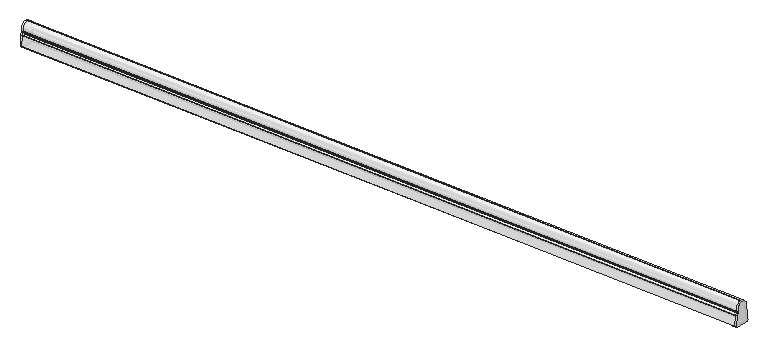
Revit family "0051034 Sylvania Lighting Fixture LED PIPE G2 L1200 NW", category Lighting Fixtures, host Face, Revit 2016
Family settings
  Host = Face
  Part Type = Normal
  Round Connector Dimension = Use Diameter
  OmniClass Number = 23.80.70.00
  OmniClass Title = Lighting
  Cut with Voids When Loaded = No
  Light Source = Yes
  Shared = No
  Room Calculation Point = No
Parameters (values of type "0051034 LED PIPE G2 L1200 NW")
  Width_SYL = 24 mm
  Weight = "5.54 kg"
  Wattage Comments = ""
  Wattage = 13 W
  WarrantyStartDate [instance] = "n/a"
  WarrantyGuarantorParts = "n/a"
  WarrantyDurationUnit = "n/a"
  WarrantyDurationParts = "n/a"
  WarrantyDescription = "n/a"
  built-in parameter 1150110 = 1 (stored number, unit not read)
  Voltage = 230 V
  URL = "http://www.sylvania-lighting.com"
  TypeName = "LED PIPE G2 L1200 NW"
  Type Image = <None>
  Type Comments = "n/a"
  built-in parameter 1114217 = 1 (stored number, unit not read)
  Tilt Angle = -90.00°
  built-in parameter 1150109 = 1 (stored number, unit not read)
  built-in parameter 1150134 = 12
  built-in parameter 1150113 = 1 (stored number, unit not read)
  SerialNumber [instance] = "n/a"
  RadiusTop_SYL = 9.1 mm
  RadiusSmall_SYL = 1.002 mm
  RadiusShoulder_SYL = 4.5 mm
  RadiusBottom_SYL = 1.5 mm
  Photometric Web File = "0051034.ies"
  Material_3_FEILO = none
  PowerFactor = 0.9
  PowerConsumption = "13 W"
  NominalLength = 1200 mm
  NominalHeight = 35 mm
  NominalDepth = 24 mm
  Name = "LED PIPE G2 L1200 NW"
  ModelReference = Name  # "LED PIPE G2 L1200 NW"
  ModelNumber = "0051034"
  Model = Name  # "LED PIPE G2 L1200 NW"
  Material = "pc housing, pc diffuser"
  ManufacturerName = "Feilo Sylvania"
  Manufacturer = "Feilo Sylvania"
  LuminousEfficacy = "100 lm/W"
  built-in parameter 1150105 = 263.31 (stored number, unit not read)
  Lumens = 1300 lm
  LuminaireType = ""
  built-in parameter 1150115 = 1 (stored number, unit not read)
  LightOutputRatio = "n/a"
  built-in parameter 1150137 = (empty or 0)
  built-in parameter 1150139 = (empty or 0)
  Length_SYL = 1200 mm
  LampsType = Lamp  # "LED"
  LampNominalLuminous = "1300 lm"
  LampMacAdamStep = "6"
  LampColourTemperature = "4000 K"
  LampColourRenderingIndex = "80"
  built-in parameter 1150112 = 1 (stored number, unit not read)
  built-in parameter 1150114 = 1 (stored number, unit not read)
  Lamp = "LED"
  Keynote = "16500"
  InstallationDate [instance] = "n/a"
  InputVoltage = "220-240V~"
  InputNominalFrequency = "50/60 Hz"
  built-in parameter 1150132 = (empty or 0)
  built-in parameter 1150102 = (empty or 0)
  built-in parameter 1150107 = 4000 (stored number, unit not read)
  built-in parameter 1150138 = (empty or 0)
  IngressProtection = "IP20"
  ImpactProtectionIndex = "IK02"
  built-in parameter 1150106 = 2.6331 (stored number, unit not read)
  IfcExportType = "IfcLightFixtureType"
  IfcExportAs = "IfcLightFixtureType"
  Height_SYL = 35 mm
  ExpectedLife = 50000
  built-in parameter 1150127 = 10 mm
  Emit from Rectangle Length = Length_SYL - 6 mm  # 1194 mm
  Emit Shape Visible in Rendering = no
  ElectricShockClassification = "Class II"
  built-in parameter 1150104 = 9.2903 (stored number, unit not read)
  DurationUnit = "hours"
  DocumentationLiterature = "http://www.sylvania-lighting.com/product/en-int/products/0051034"
  DimmingControlOptions = "n/a"
  Material_2_FEILO = LED-Sylvania-ledpipe
  Dimming Lamp Color Temperature Shift = <None>
  Description = "LED T5 replacement batten, seamless linking (up to 10M), Ideal for direct lighting such as under cabinet or in kitchens, 150 degree beam angle, includes switch, includes 0.30m stripped cable, white polycarbonate body, includes standard and tilting brackets"
  Default Elevation = 1219.2 mm
  CreatedOn = "6/11/2018"
  CreatedBy = "aron.fodor@sylvania-lighting.com"
  Cost = 0
  Color Filter = 16777215
  built-in parameter 1114216 [instance] = (empty or 0)
  ClassificationValue = "EF_70_80"
  ClassificationName = "Uniclass2015"
  Material_1_FEILO = Body-Sylvania-ledpipe
  BarCode [instance] = "n/a"
  built-in parameter 1114218 = 1 (stored number, unit not read)
  Emit from Rectangle Width = 3048 mm
  AssetType = "Fixed"
  AssetIdentifier [instance] = "n/a"
  Assembly Code = "D5020200"
  Apparent Load = 13 VA
  Material_4_FEILO = none
Reference planes
  plane 1 "Center (Front/Back)": y = 0
  plane 2: z = 0
  plane 3 "Center (Left/Right)": x = 0
  plane 4: y = 12
  plane 5: y = -12
  plane 6: z = 35
  plane 7: z = 25.8
  plane 8: y = -10
  plane 9: z = 18.8
  plane 10: z = 21
  plane 11: x = 600
  plane 12: x = -600
  plane 13: x = 597
  plane 14: x = -597
Forms (mm)
  Extrusion 1, solid, material "Body-Sylvania-ledpipe" <- "Material_1_FEILO"
    sketch origin (0, 0, 0) x (0, 1, 0) y (0, 0, 1)
      loop
        arc (-11.824, 1.659) -> (-11.447, 0.497) -> (-10.332, 0) r 1.5
        line (-10.332, 0) -> (10.332, 0)
        arc (10.332, 0) -> (11.447, 0.497) -> (11.824, 1.659) r 1.5
        line (11.824, 1.659) -> (10.168, 17.219)
        arc (10.168, 17.219) -> (9.754, 18.682) -> (8.875, 19.925) r 4.5
        line (8.875, 19.925) -> (8.294, 20.506)
        arc (8.294, 20.506) -> (8.012, 21.058) -> (8.109, 21.67) r 1.002
        arc (8.109, 21.67) -> (7.759, 30.556) -> (0, 34.9) r 9.1
        arc (0, 34.9) -> (-7.759, 30.556) -> (-8.109, 21.67) r 9.1
        arc (-8.109, 21.67) -> (-8.012, 21.058) -> (-8.294, 20.506) r 1.002
        line (-8.294, 20.506) -> (-8.875, 19.925)
        arc (-8.875, 19.925) -> (-9.754, 18.682) -> (-10.168, 17.219) r 4.5
        line (-10.168, 17.219) -> (-11.824, 1.659)
    from -597 to 597
  Extrusion 2, solid, material "Body-Sylvania-ledpipe" <- "Material_1_FEILO"
    sketch origin (597, -4572, 2609.058) x (0, 0, 1) y (0, -1, 0)
      loop
        arc (-2587.388, -4580.109) -> (-2578.502, -4579.759) -> (-2574.158, -4572) r 9.1
        arc (-2574.158, -4572) -> (-2578.502, -4564.241) -> (-2587.388, -4563.891) r 9.1
        arc (-2587.388, -4563.891) -> (-2588, -4563.988) -> (-2588.552, -4563.706) r 1.002
        line (-2588.552, -4563.706) -> (-2589.134, -4563.125)
        arc (-2589.134, -4563.125) -> (-2590.376, -4562.246) -> (-2591.84, -4561.832) r 4.5
        line (-2591.84, -4561.832) -> (-2607.399, -4560.176)
        arc (-2607.399, -4560.176) -> (-2608.561, -4560.553) -> (-2609.058, -4561.668) r 1.5
        line (-2609.058, -4561.668) -> (-2609.058, -4582.332)
        arc (-2609.058, -4582.332) -> (-2608.561, -4583.447) -> (-2607.399, -4583.824) r 1.5
        line (-2607.399, -4583.824) -> (-2591.84, -4582.168)
        arc (-2591.84, -4582.168) -> (-2590.376, -4581.754) -> (-2589.134, -4580.875) r 4.5
        line (-2589.134, -4580.875) -> (-2588.552, -4580.294)
        arc (-2588.552, -4580.294) -> (-2588, -4580.012) -> (-2587.388, -4580.109) r 1.002
    from 0 to 3
  Extrusion 3, solid, material "Body-Sylvania-ledpipe" <- "Material_1_FEILO"
    sketch origin (-297, -4572, 2609.058) x (0, 0, 1) y (0, -1, 0)
      loop
        arc (-2587.388, -4580.109) -> (-2578.502, -4579.759) -> (-2574.158, -4572) r 9.1
        arc (-2574.158, -4572) -> (-2578.502, -4564.241) -> (-2587.388, -4563.891) r 9.1
        arc (-2587.388, -4563.891) -> (-2588, -4563.988) -> (-2588.552, -4563.706) r 1.002
        line (-2588.552, -4563.706) -> (-2589.134, -4563.125)
        arc (-2589.134, -4563.125) -> (-2590.376, -4562.246) -> (-2591.84, -4561.832) r 4.5
        line (-2591.84, -4561.832) -> (-2607.399, -4560.176)
        arc (-2607.399, -4560.176) -> (-2608.561, -4560.553) -> (-2609.058, -4561.668) r 1.5
        line (-2609.058, -4561.668) -> (-2609.058, -4582.332)
        arc (-2609.058, -4582.332) -> (-2608.561, -4583.447) -> (-2607.399, -4583.824) r 1.5
        line (-2607.399, -4583.824) -> (-2591.84, -4582.168)
        arc (-2591.84, -4582.168) -> (-2590.376, -4581.754) -> (-2589.134, -4580.875) r 4.5
        line (-2589.134, -4580.875) -> (-2588.552, -4580.294)
        arc (-2588.552, -4580.294) -> (-2588, -4580.012) -> (-2587.388, -4580.109) r 1.002
    from -300 to -303
Lines and regions (mm)
  reference lines
    curve 1: circle (0, 0, 25.8) r 9.1 normal (1, 0, 0)
    curve 2: line (0, -12, 0) -> (0, -10, 18.8)
Dimensions and locks
  equal spacing: plane 5, plane 1 "Center (Front/Back)", plane 4
  "Width_SYL": plane 5 to plane 4
  "Height_SYL": plane 6 to plane 2
  locked: plane 6 to plane 7 at 9.2
  locked: plane 5 to plane 8 at 2
  locked: plane 7 to plane 9 at 7
  locked: plane 10 to plane 9 at 2.2
  equal spacing: plane 11, plane 3 "Center (Left/Right)", plane 12
  "Length_SYL": plane 11 to plane 12
  equal spacing: plane 13, plane 3 "Center (Left/Right)", plane 14
  locked: plane 14 to plane 12 at 3
  "RadiusTop_SYL": radius of curve 1
  "RadiusSmall_SYL": radius of Extrusion 1 sketch curve
  "RadiusShoulder_SYL": radius of Extrusion 1 sketch curve
  "RadiusTop_SYL": radius of Extrusion 1 sketch curve
  "RadiusBottom_SYL": radius of Extrusion 1 sketch curve  (x2)
  aligned and locked: plane 2 to host face
  aligned and locked: level to host face
  aligned and locked: plane 7 to curve 1
  aligned and locked: plane 1 "Center (Front/Back)" to curve 1
  aligned and locked: plane 8 to curve 2
  aligned and locked: curve 2 to Extrusion 1 sketch curve  (x2)
  aligned and locked: plane 7 to Extrusion 1 sketch curve
  aligned and locked: plane 1 "Center (Front/Back)" to Extrusion 1 sketch curve
  aligned and locked: Extrusion 1 sketch curve to level
  aligned and locked: plane 13 to Extrusion 1
  aligned and locked: Extrusion 1 to plane 14
  aligned and locked: Extrusion 2 sketch curve to Extrusion 1  (x8)
  aligned and locked: plane 11 to Extrusion 2
  aligned and locked: Extrusion 2 to Extrusion 1
  aligned and locked: Extrusion 3 sketch curve to Extrusion 2  (x8)
  aligned and locked: Extrusion 3 to Extrusion 1
  aligned and locked: Extrusion 3 to plane 12
  aligned and locked: imposter light to plane 1 "Center (Front/Back)"
  aligned and locked: plane 6 to imposter light
  aligned and locked: plane 3 "Center (Left/Right)" to imposter light
Automatic sketch dimensions
  host sketch curve to host sketch curve = 2438.4 mm  (x2)
  curve 2 to level = 0 mm
  curve 2 to plane 5 = 0 mm
  curve 2 to plane 9 = 0 mm
  Extrusion 1 sketch curve to Extrusion 1 sketch curve = 0 mm
  Extrusion 1 sketch curve to plane 5 = 0.176 mm
  plane 8 to Extrusion 1 sketch curve = 0.168 mm
  plane 10 to Extrusion 1 sketch curve = 0.215 mm  (x2)
  Extrusion 1 sketch curve to plane 8 = 0.998 mm
  Extrusion 1 sketch curve to plane 10 = 1.075 mm  (x2)
  Extrusion 1 sketch curve to plane 10 = 0.494 mm  (x2)
  Extrusion 1 sketch curve to plane 9 = 2.057 mm
  Extrusion 1 sketch curve to plane 1 "Center (Front/Back)" = 5.693 mm
  plane 4 to Extrusion 1 sketch curve = 3.706 mm
  Extrusion 1 sketch curve to Extrusion 1 sketch curve = 0.582 mm
  Extrusion 1 sketch curve to Extrusion 1 sketch curve = 0.709 mm
  Extrusion 1 sketch curve to plane 9 = 1.581 mm
  plane 4 to Extrusion 1 sketch curve = 1.668 mm
  plane 4 to Extrusion 1 sketch curve = 0.176 mm
  Extrusion 2 sketch curve to Extrusion 2 sketch curve = 0.159 mm
  Extrusion 2 sketch curve to plane 5 = 0.176 mm
  plane 8 to Extrusion 2 sketch curve = 0.168 mm
  Extrusion 2 sketch curve to plane 9 = 1.581 mm
  Extrusion 2 sketch curve to plane 10 = 0.494 mm  (x2)
  Extrusion 2 sketch curve to Extrusion 2 sketch curve = 0.127 mm
  Extrusion 2 sketch curve to Extrusion 2 sketch curve = 0.582 mm
  Extrusion 3 sketch curve to Extrusion 3 sketch curve = 0.159 mm
  Extrusion 3 sketch curve to plane 5 = 0.176 mm
  plane 8 to Extrusion 3 sketch curve = 0.168 mm
  Extrusion 3 sketch curve to plane 9 = 1.581 mm
  Extrusion 3 sketch curve to plane 10 = 0.494 mm  (x2)
  Extrusion 3 sketch curve to Extrusion 3 sketch curve = 0.127 mm
  Extrusion 3 sketch curve to Extrusion 3 sketch curve = 0.582 mm
Connectors
  electrical at (0, 0, 0), driven by "Apparent Load", driven by "PowerFactor", driven by "Voltage"
    settings: index 1, voltage 230 V, apparent load 13 VA, apparent load phase1 0 VA, apparent load phase2 0 VA, apparent load phase3 0 VA, power factor 0.9, load classification "Lighting", number of poles 1, system type 30, power factor state 1, is connector primary yes, connector utility no, sub classification motor no, connector description ""
